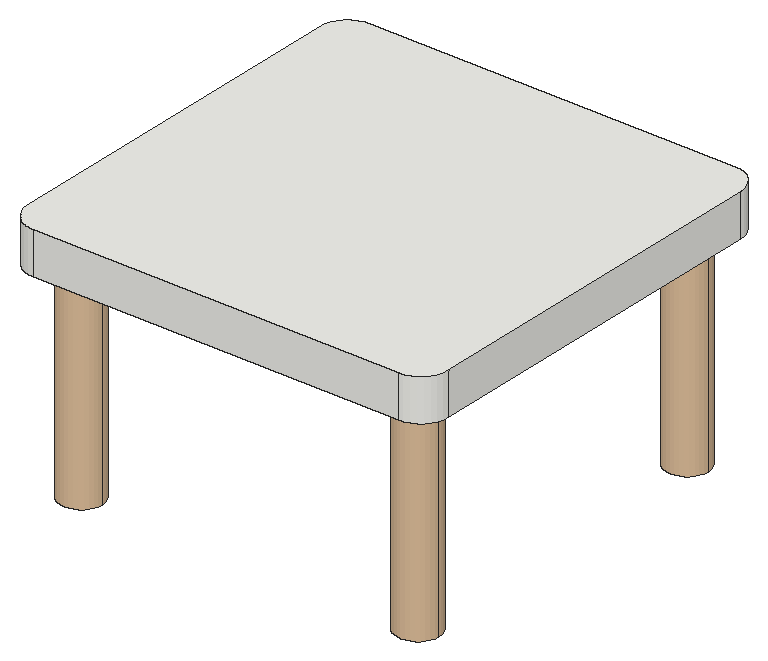
Revit family "rac_basic_sample_family_test", category Furniture, Revit 2016
Family settings
  OmniClass Number = 23.40.20.14.17
  OmniClass Title = Residential Tables and Cabinets
  Work Plane-Based = No
  Always vertical = Yes
  Cut with Voids When Loaded = No
  Shared = Yes
  Room Calculation Point = No
Parameters (values of type "0762 x 0762mm")
  TestLength = 20.00 mm
  Base Material = Wood - Birch
  Height = 457.00 mm
  Length = 762.00 mm
  Top Material = Laminate - Ivory, Matte
  Width = 762.00 mm
Types (4, lengths in mm): name | TestLength | Height | Length | Width
  (no name) | 20.00 | 457.00 | 762.00 | 762.00
  0610 x 0160mm | 0.00 | 762.00 | 610.00 | 610.00
  0762 x 0762mm | 20.00 | 457.00 | 762.00 | 762.00
  0610 x 0915mm | 0.00 | 762.00 | 610.00 | 915.00
Reference planes
  plane 1: y = 152.4
  plane 2: z = 0
  plane 3 "Left": x = 3.734
  plane 4 "Right": x = 765.734
  plane 5 "Back": y = 533.4
  plane 6 "Front": y = -228.6
  plane 7: x = 384.734
Forms (mm)
  Extrusion 1, solid, material "Laminate - Ivory, Matte" <- "Top Material"
    sketch origin (0, 0, 0) x (1, 0, 0) y (0, 1, 0)
      loop
        line (54.534, -228.6) -> (714.934, -228.6)
        arc (714.934, -228.6) -> (750.855, -213.721) -> (765.734, -177.8) r 50.8
        line (765.734, -177.8) -> (765.734, 482.6)
        arc (765.734, 482.6) -> (750.855, 518.521) -> (714.934, 533.4) r 50.8
        line (714.934, 533.4) -> (54.534, 533.4)
        arc (54.534, 533.4) -> (18.613, 518.521) -> (3.734, 482.6) r 50.8
        line (3.734, 482.6) -> (3.734, -177.8)
        arc (3.734, -177.8) -> (18.613, -213.721) -> (54.534, -228.6) r 50.8
    from 380.8 to 457
  Extrusion 2, solid, material "Wood - Birch" <- "Base Material"
    sketch origin (0, 0, 0) x (1, 0, 0) y (0, 1, 0)
      loop
        circle (79.934, 457.2) r 38.1
      loop
        circle (79.934, -152.4) r 38.1
      loop
        circle (689.534, -152.4) r 38.1
      loop
        circle (689.534, 457.2) r 38.1
    from 0 to 380.8
Lines and regions (mm)
  Masking region 1
    outline origin (0, 0, 0) x (1, 0, 0) y (0, 1, 0)
      loop
        arc (54.534, 533.4) -> (18.613, 518.521) -> (3.734, 482.6) r 50.8
        line (3.734, 482.6) -> (3.734, -177.8)
        arc (3.734, -177.8) -> (18.613, -213.721) -> (54.534, -228.6) r 50.8
        line (54.534, -228.6) -> (714.934, -228.6)
        arc (714.934, -228.6) -> (750.855, -213.721) -> (765.734, -177.8) r 50.8
        line (765.734, -177.8) -> (765.734, 482.6)
        arc (765.734, 482.6) -> (750.855, 518.521) -> (714.934, 533.4) r 50.8
        line (714.934, 533.4) -> (54.534, 533.4)
Dimensions and locks
  locked: Extrusion 1 to Extrusion 1 at 76.2
  "Height": Extrusion 1 to plane 2
  locked: Extrusion 1 to Extrusion 2 sketch curve at 76.2  (x8)
  "Width": plane 5 "Back" to plane 6 "Front"
  "Length": plane 3 "Left" to plane 4 "Right"
  equal spacing: plane 5 "Back", plane 1, plane 6 "Front"
  equal spacing: plane 3 "Left", plane 7, plane 4 "Right"
  radius of Extrusion 1 sketch curve = 50.80 mm  (x4)
  aligned and locked: plane 2 to level
  aligned and locked: plane 6 "Front" to Extrusion 1 sketch curve
  aligned and locked: Extrusion 2 to Extrusion 1
  aligned and locked: Masking region 1 sketch curve to plane 5 "Back"
  aligned and locked: plane 3 "Left" to Masking region 1 sketch curve
  aligned and locked: plane 4 "Right" to Masking region 1 sketch curve
  aligned and locked: Masking region 1 sketch curve to plane 6 "Front"
  aligned: Masking region 1 sketch curve to Extrusion 1
Automatic sketch dimensions
  Extrusion 2 sketch curve to Extrusion 2 sketch curve = 38.10 mm  (x4)
  Extrusion 1 sketch curve to plane 3 "Left" = 0.00 mm
  Extrusion 1 sketch curve to plane 4 "Right" = 0.00 mm
  Extrusion 1 sketch curve to plane 5 "Back" = 0.00 mm
  plane 3 "Left" to Masking region 1 sketch curve = 50.80 mm  (x2)
  plane 4 "Right" to Masking region 1 sketch curve = 50.80 mm  (x2)
